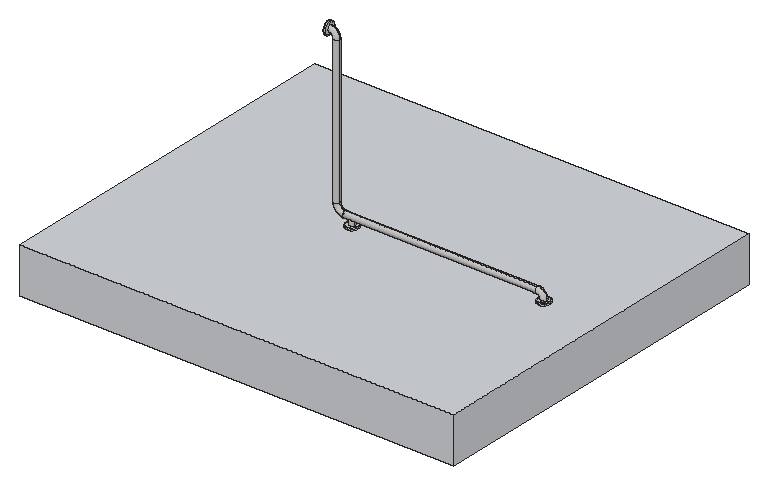
Revit family
Parameters (values of type "B-6897")
  Width = 42"
  Waste Connection = no
  Warranty Information = "1 Year Limited Warranty"
  WFU = 0
  Vent Connection = no
  URL = "http://www.bobrick.com/"
  Type Comments = ""
  Product Page URL = "http://www.bobrick.com/washroomaccessories/Pages/ProductDetails.aspx?Product+Number=B-6897"
  Product Documentation Link = "http://www.bobrick.com/Documents/B-6806_td.pdf"
  Price = "Prices may vary. Please consult Manufacturer Representative for most up-to-date price list."  # constant formula
  Phone Number = "416-250-5656"  # constant formula
  Omniclass Table 23 Title = "Bath Grab Bars"  # constant formula
  Omniclass Table 23 Code = "23.40.20.21.47"  # constant formula
  Model = "B-6897"
  Material = Stainless Steel-Bobrick-Type 304-Satin
  Manufacturer = "Bobrick"
  Length = 50"
  Installation Type = "Wall Mounted"
  HWFU = 0
  HW Connection = no
  Description = "Two-Wall 1-1/2\" (38mm) diameter Stainless Steel Grab Bar with Snap Flange for Toilet Compartments."
  Default Elevation = 0"
  Creation Date = "12/24/2014"  # constant formula
  Created By = "Allied Technical Services"  # constant formula
  CWFU = 0
  CW Connection = no
  Assembly Code = ""
  ATS URL = "http://www.atsspec.net"
  ADA Compliant = yes
Types (3): name | Product Page URL | Model | Description
  (no name) | "http://www.bobrick.com/washroomaccessories/Pages/ProductDetails.aspx?Product+Number=B-6897" | "B-6897" | "Two-Wall 1-1/2\" (38mm) diameter Stainless Steel Grab Bar with Snap Flange for Toilet Compartments."
  B-6897 | "http://www.bobrick.com/washroomaccessories/Pages/ProductDetails.aspx?Product+Number=B-6897" | "B-6897" | "Two-Wall 1-1/2\" (38mm) diameter Stainless Steel Grab Bar with Snap Flange for Toilet Compartments."
  B-6897.99 | "http://www.bobrick.com/washroomaccessories/Pages/ProductDetails.aspx?Product+Number=B-6897.99" | "B-6897.99" | "Two-Wall 1-1/2\" (38mm) diameter Stainless Steel Grab Bar with peened gripping surface and Snap Flange for Toilet Compartments."
Reference planes (in)
  plane 1 "Center (Front/Back)": y = 0
  plane 2: z = 0.00028
  plane 3 "Center (Left/Right)": x = 0
  plane 4: x = 50
  plane 5: z = 44.25
  plane 6: x = -4
  plane 7: z = 2.25
Forms (in)
  Extrusion 1, solid
    sketch origin (0, 0, 0) x (1, 0, 0) y (0, 1, 0)
      loop
        line (-48, 48) -> (-48, -48) -> (64.81455, -48) -> (64.81455, 48) -> (-48, 48)
    from 0.00028 to -12
  Sweep 2, solid, material "Stainless Steel-Bobrick-Type 304-Satin" <- "Material"
    path origin (28.73583, 0, 3.35329) x (0, 0, 1) y (1, 0, 0)
      loop
        line (-2.99974, 21.26417) -> (-2.74829, 21.26417)
        arc (-2.74829, 21.26417) -> (-1.5851, 20.78236) -> (-1.10329, 19.61917) r 1.645
        line (-1.10329, 19.61917) -> (-1.10329, -30.48583)
        arc (-1.10329, -30.48583) -> (-0.44428, -32.07682) -> (1.14671, -32.73583) r 2.25
        line (1.14671, -32.73583) -> (39.25171, -32.73583)
        arc (39.25171, -32.73583) -> (40.4149, -33.21764) -> (40.89671, -34.38083) r 1.645
        line (40.89671, -34.38083) -> (40.89671, -34.63228)
    profile origin (50, 0, 0.47927) x (1, 0, 0) y (0, 1, 0)
      loop
        circle (0, 0) r 0.75
  Revolve 3, solid, material "Stainless Steel-Bobrick-Type 304-Satin" <- "Material"
    sketch origin (1.28125, 0, 3.18972) x (0, 0, 1) y (1, 0, 0)
      loop
        line (-3.18972, -1.28125) -> (-2.68972, -1.28125) -> (-2.79456, 0.21799)
        arc (-2.79456, 0.21799) -> (-2.83243, 0.2992) -> (-2.91491, 0.3342) r 0.125
        line (-2.91491, 0.3342) -> (-3.18972, 0.34375) -> (-3.18972, -1.28125)
      axis (-2.68972, -1.28125) -> (-3.18972, -1.28125)
    angle from 0 to 360
  Revolve 4, solid, material "Stainless Steel-Bobrick-Type 304-Satin" <- "Material"
    sketch origin (51.28125, 0, 3.18972) x (0, 0, 1) y (1, 0, 0)
      loop
        line (-3.18972, -1.28125) -> (-2.68972, -1.28125) -> (-2.79456, 0.21799)
        arc (-2.79456, 0.21799) -> (-2.83243, 0.2992) -> (-2.91491, 0.3342) r 0.125
        line (-2.91491, 0.3342) -> (-3.18972, 0.34375) -> (-3.18972, -1.28125)
      axis (-2.68972, -1.28125) -> (-3.18972, -1.28125)
    angle from 0 to 360
  Revolve 5, solid, material "Stainless Steel-Bobrick-Type 304-Satin" <- "Material"
    sketch origin (-3.03998, 0, 34.71875) x (1, 0, 0) y (0, 0, -1)
      loop
        line (-3.18972, -9.53125) -> (-2.68972, -9.53125) -> (-2.79456, -8.03201)
        arc (-2.79456, -8.03201) -> (-2.83243, -7.9508) -> (-2.91491, -7.9158) r 0.125
        line (-2.91491, -7.9158) -> (-3.18972, -7.90625) -> (-3.18972, -9.53125)
      axis (-2.68972, -9.53125) -> (-3.18972, -9.53125)
    angle from 0 to 360
  Sweep 6, solid, material "Stainless Steel-Bobrick-Type 304-Satin" <- "Material"
    path origin (0, 0, 0) x (1, 0, 0) y (0, 0, 1)
      loop
        line (0, 0.33326) -> (0, 2.23007)
    profile origin (0, 0, 1.28166) x (-1, 0, 0) y (0, -1, 0)
      loop
        circle (0, 0) r 0.72674
Cuts and joins
  joined: Sweep 2, Revolve 3, Revolve 4, Revolve 5, Sweep 6
Lines and regions (in)
  Masking region 1
    outline origin (0, 0, 0) x (1, 0, 0) y (0, 1, 0)
      loop
        line (-6.22971, 1.625) -> (-6.22971, -1.625) -> (-5.90651, -1.61376)
        arc (-5.90651, -1.61376) -> (-5.8595, -1.59382) -> (-5.83792, -1.54754) r 0.07124
        line (-5.83792, -1.54754) -> (-5.78215, -0.75) -> (-1.4285, -0.75)
        arc (-1.4285, -0.75) -> (0, -1.61341) -> (1.4285, -0.75) r 1.61341
        line (1.4285, -0.75) -> (48.5715, -0.75)
        arc (48.5715, -0.75) -> (51.61341, 0) -> (48.5715, 0.75) r 1.61341
        line (48.5715, 0.75) -> (1.4285, 0.75)
        arc (1.4285, 0.75) -> (0, 1.61341) -> (-1.4285, 0.75) r 1.61341
        line (-1.4285, 0.75) -> (-5.78215, 0.75) -> (-5.83792, 1.54754)
        arc (-5.83792, 1.54754) -> (-5.8595, 1.59382) -> (-5.90651, 1.61376) r 0.07124
        line (-5.90651, 1.61376) -> (-6.22971, 1.625)
  Masking region 2
    outline origin (0, 0, 0) x (1, 0, 0) y (0, 0, 1)
      loop
        line (0.72656, 1.49972) -> (48.35967, 1.49972)
        arc (48.35967, 1.49972) -> (48.98972, 1.23875) -> (49.25069, 0.6087) r 0.89102
        line (49.25069, 0.6087) -> (49.25069, 0.44755) -> (48.50077, 0.39516)
        arc (48.50077, 0.39516) -> (48.41956, 0.35729) -> (48.38455, 0.27481) r 0.125
        line (48.38455, 0.27481) -> (48.375, 0) -> (51.625, 0) -> (51.61545, 0.27481)
        arc (51.61545, 0.27481) -> (51.58045, 0.35729) -> (51.49924, 0.39516) r 0.125
        line (51.49924, 0.39516) -> (50.75, 0.44755) -> (50.75, 0.65208)
        arc (50.75, 0.65208) -> (50.03237, 2.31507) -> (48.35564, 3) r 2.39482
        line (48.35564, 3) -> (-1.74998, 3)
        arc (-1.74998, 3) -> (-2.81064, 3.43934) -> (-3.24998, 4.5) r 1.5
        line (-3.24998, 4.5) -> (-3.24998, 42.91658)
        arc (-3.24998, 42.91658) -> (-4.02734, 44.39006) -> (-5.57763, 45) r 2.39482
        line (-5.57763, 45) -> (-5.78215, 45) -> (-5.83454, 45.74924)
        arc (-5.83454, 45.74924) -> (-5.87241, 45.83045) -> (-5.9549, 45.86545) r 0.125
        line (-5.9549, 45.86545) -> (-6.22971, 45.875) -> (-6.22971, 42.625) -> (-5.9549, 42.63455)
        arc (-5.9549, 42.63455) -> (-5.87241, 42.66955) -> (-5.83454, 42.75076) r 0.125
        line (-5.83454, 42.75076) -> (-5.78215, 43.5) -> (-5.62114, 43.5)
        arc (-5.62114, 43.5) -> (-5.06124, 43.30223) -> (-4.74978, 42.79667) r 0.89144
        line (-4.74978, 42.79667) -> (-4.74978, 4.5)
        arc (-4.74978, 4.5) -> (-3.8711, 2.37868) -> (-1.74978, 1.5) r 3
        line (-1.74978, 1.5) -> (-0.72656, 1.5) -> (-0.72656, 0.44919) -> (-1.49924, 0.39516)
        arc (-1.49924, 0.39516) -> (-1.58045, 0.35729) -> (-1.61545, 0.27481) r 0.125
        line (-1.61545, 0.27481) -> (-1.625, 0) -> (1.625, 0) -> (1.61545, 0.27481)
        arc (1.61545, 0.27481) -> (1.58045, 0.35729) -> (1.49924, 0.39516) r 0.125
        line (1.49924, 0.39516) -> (0.72656, 0.44919) -> (0.72656, 1.49972)
  Masking region 3
    outline origin (0, 0, 0) x (0, 1, 0) y (0, 0, 1)
      loop
        line (1.625, 0) -> (1.61341, 0.33326)
        arc (1.61341, 0.33326) -> (1.57056, 0.3759) -> (1.51294, 0.3942) r 0.12836
        line (1.51294, 0.3942) -> (0.75, 0.44755) -> (0.75, 42.80843)
        arc (0.75, 42.80843) -> (0, 45.875) -> (-0.75, 42.80843) r 1.625
        line (-0.75, 42.80843) -> (-0.75, 0.44755) -> (-1.51294, 0.3942)
        arc (-1.51294, 0.3942) -> (-1.57056, 0.3759) -> (-1.61341, 0.33326) r 0.12836
        line (-1.61341, 0.33326) -> (-1.625, 0) -> (1.625, 0)
  symbolic lines, detail levels medium+fine
    curve 1: line (-5.78215, 0.75, 0) -> (-5.78215, -0.75, 0)
    curve 2: line (-1.4285, 0.75, 0) -> (1.4285, 0.75, 0)
    curve 3: line (-1.4285, -0.75, 0) -> (1.4285, -0.75, 0)
    curve 4: line (48.5715, -0.75, 0) -> (50, -0.75, 0)
    curve 5: arc (50, 0.75, 0) -> (50.75, 0, 0) -> (50, -0.75, 0) r 0.75
    curve 6: line (48.5715, 0.75, 0) -> (50, 0.75, 0)
    curve 7: line (50.75, 0, 0.44755) -> (49.25, 0, 0.44755)
    curve 8: line (0.72656, 0, 0.44919) -> (-0.72656, 0, 0.44919)
    curve 9: arc (0.72674, 0, 1.5) -> (0, 0, 2.09268) -> (-0.72674, 0, 1.5) r 0.74191
    curve 10: line (-5.78215, 0, 43.5) -> (-5.78215, 0, 45)
    curve 11: line (0, 0.75, 0.44755) -> (0, -0.75, 0.44755)
    curve 12: line (0, 0.75, 42.80843) -> (0, 0.75, 44.25)
    curve 13: line (0, -0.75, 42.80843) -> (0, -0.75, 44.25)
    curve 14: arc (0, 0.75, 44.25) -> (0, 0, 45) -> (0, -0.75, 44.25) r 0.75
Dimensions and locks (in)
  "Length": plane 4 to plane 3 "Center (Left/Right)"
  locked: plane 6 to plane 3 "Center (Left/Right)" at 4
  locked: Extrusion 1 to plane 7 at 2.24972
  "Width": plane 7 to plane 5
  aligned and locked: plane 2 to Extrusion 1
  aligned: level to Extrusion 1
Automatic sketch dimensions
  Extrusion 1 sketch curve to Extrusion 1 sketch curve = 112.81455"
  Extrusion 1 sketch curve to Extrusion 1 sketch curve = 96"
  Sweep 2 sketch curve to plane 4 = 0"
  plane 6 to Sweep 2 sketch curve = 0"
  Sweep 2 sketch curve to plane 5 = 0"
  Sweep 2 sketch curve to Sweep 2 sketch curve = 1.645"
  Sweep 2 sketch curve to plane 3 "Center (Left/Right)" = 1 3/4"
  level to Sweep 2 sketch curve = 4 1/2"
  level to Sweep 2 sketch curve = 0.605"
  Sweep 2 sketch curve to Sweep 2 sketch curve = 0.25145"  (x2)
  Sweep 2 sketch curve to profile plane = 0"  (x2)
  Sweep 6 sketch curve to plane 3 "Center (Left/Right)" = 0"
  level to Sweep 6 sketch curve = 0.33326"
  Sweep 6 sketch curve to Sweep 6 sketch curve = 1.89682"
  plane 1 "Center (Front/Back)" to Sweep 6 sketch curve = 0"
  Sweep 6 sketch curve to profile plane = 0"
  Masking region 1 sketch curve to Masking region 1 sketch curve = 0"  (x3)
  plane 1 "Center (Front/Back)" to Masking region 1 sketch curve = 0"  (x2)
  Masking region 1 sketch curve to plane 3 "Center (Left/Right)" = 0"
  Masking region 1 sketch curve to plane 4 = 0"
  Masking region 1 sketch curve to plane 3 "Center (Left/Right)" = 1.4285"  (x2)
  Masking region 1 sketch curve to plane 1 "Center (Front/Back)" = 3/4"  (x2)
  plane 6 to Masking region 1 sketch curve = 1.78215"
  plane 1 "Center (Front/Back)" to Masking region 1 sketch curve = 3/4"  (x2)
  Masking region 1 sketch curve to Masking region 1 sketch curve = 0.05577"  (x2)
  Masking region 1 sketch curve to Masking region 1 sketch curve = 0.06859"  (x2)
  Masking region 1 sketch curve to Masking region 1 sketch curve = 0.00248"  (x2)
  Masking region 1 sketch curve to Masking region 1 sketch curve = 0.32319"
  Masking region 1 sketch curve to plane 4 = 1.4285"
  Masking region 1 sketch curve to Masking region 1 sketch curve = 0.79257"  (x2)
  Masking region 1 sketch curve to Masking region 1 sketch curve = 0.00497"  (x2)
  Masking region 1 sketch curve to Masking region 1 sketch curve = 0.01124"  (x2)
  curve 5 to plane 4 = 0"
  plane 1 "Center (Front/Back)" to curve 5 = 0"
  curve 6 to plane 4 = 1.4285"
  curve 4 to plane 4 = 1.4285"
  plane 3 "Center (Left/Right)" to curve 2 = 1.4285"
  plane 3 "Center (Left/Right)" to curve 3 = 1.4285"
  curve 2 to plane 3 "Center (Left/Right)" = 1.4285"
  curve 3 to plane 3 "Center (Left/Right)" = 1.4285"
  curve 1 to plane 1 "Center (Front/Back)" = 3/4"
  plane 6 to curve 1 = 1.78215"
  plane 1 "Center (Front/Back)" to curve 5 = 3/4"
  plane 1 "Center (Front/Back)" to curve 3 = 3/4"
  plane 1 "Center (Front/Back)" to curve 1 = 3/4"
  curve 2 to plane 1 "Center (Front/Back)" = 3/4"
  curve 9 to plane 3 "Center (Left/Right)" = 0"
  curve 8 to plane 3 "Center (Left/Right)" = 93/128"
  curve 9 to plane 3 "Center (Left/Right)" = 0.72674"
  plane 5 to curve 10 = 3/4"
  plane 6 to curve 10 = 1.78215"
  plane 3 "Center (Left/Right)" to curve 8 = 93/128"
  plane 3 "Center (Left/Right)" to curve 9 = 0.72674"
  curve 7 to plane 4 = 3/4"
  plane 4 to curve 7 = 3/4"
  curve 10 to plane 5 = 3/4"
  level to curve 9 = 1 1/2"
  curve 9 to curve 9 = 0.14923"
  level to curve 8 = 0.44919"
  level to curve 7 = 0.44755"
  Masking region 3 sketch curve to level = 0"
  Masking region 3 sketch curve to plane 1 "Center (Front/Back)" = 0"
  Masking region 3 sketch curve to plane 5 = 0"
  plane 1 "Center (Front/Back)" to Masking region 3 sketch curve = 3/4"
  level to Masking region 3 sketch curve = 0.26616"  (x2)
  Masking region 3 sketch curve to Masking region 3 sketch curve = 0.75399"  (x2)
  Masking region 3 sketch curve to Masking region 3 sketch curve = 0.00895"  (x2)
  Masking region 3 sketch curve to Masking region 3 sketch curve = 0.10047"
  Masking region 3 sketch curve to Masking region 3 sketch curve = 0.12101"  (x2)
  Masking region 3 sketch curve to plane 1 "Center (Front/Back)" = 3/4"
  level to Masking region 3 sketch curve = 0.3942"
  level to Masking region 3 sketch curve = 0.33326"
  Masking region 3 sketch curve to Masking region 3 sketch curve = 0.0671"
  level to Masking region 3 sketch curve = 0.44755"  (x2)
  Masking region 3 sketch curve to plane 5 = 1.44157"
  curve 14 to plane 1 "Center (Front/Back)" = 0"
  plane 1 "Center (Front/Back)" to curve 14 = 3/4"
  plane 1 "Center (Front/Back)" to curve 11 = 3/4"
  curve 11 to plane 1 "Center (Front/Back)" = 3/4"
  curve 13 to plane 5 = 1.44157"
  curve 12 to curve 12 = 1.44157"
  level to curve 11 = 0.44755"
  plane 5 to curve 13 = 0"
  Masking region 2 sketch curve to level = 0"  (x2)
  plane 6 to Masking region 2 sketch curve = 2.22971"
  Masking region 2 sketch curve to Masking region 2 sketch curve = 0.27047"  (x2)
  Masking region 2 sketch curve to Masking region 2 sketch curve = 0.00434"  (x4)
  Masking region 2 sketch curve to Masking region 2 sketch curve = 0.1247"  (x4)
  Masking region 2 sketch curve to Masking region 2 sketch curve = 0.05239"  (x2)
  plane 5 to Masking region 2 sketch curve = 3/4"
  Masking region 2 sketch curve to Masking region 2 sketch curve = 0.21002"  (x2)
  Masking region 2 sketch curve to Masking region 2 sketch curve = 0.00338"
  Masking region 2 sketch curve to Masking region 2 sketch curve = 0.20453"  (x2)
  plane 6 to Masking region 2 sketch curve = 0.74978"
  Masking region 2 sketch curve to plane 6 = 0.75002"
  Masking region 2 sketch curve to plane 3 "Center (Left/Right)" = 1.74998"
  Masking region 2 sketch curve to Masking region 2 sketch curve = 0.0002"
  Masking region 2 sketch curve to Masking region 2 sketch curve = 0.12478"
  Masking region 2 sketch curve to Masking region 2 sketch curve = 0.00955"  (x6)
  level to Masking region 2 sketch curve = 0.39516"  (x2)
  Masking region 2 sketch curve to Masking region 2 sketch curve = 0.1162"  (x2)
  Masking region 2 sketch curve to Masking region 2 sketch curve = 0.00872"  (x4)
  Masking region 2 sketch curve to plane 3 "Center (Left/Right)" = 93/128"
  plane 3 "Center (Left/Right)" to Masking region 2 sketch curve = 93/128"
  level to Masking region 2 sketch curve = 0.27047"  (x2)
  Masking region 2 sketch curve to Masking region 2 sketch curve = 0.76396"
  Masking region 2 sketch curve to Masking region 2 sketch curve = 0.12492"  (x3)
  Masking region 2 sketch curve to plane 4 = 1.64436"
  Masking region 2 sketch curve to Masking region 2 sketch curve = 0.00403"
  Masking region 2 sketch curve to Masking region 2 sketch curve = 0.01936"  (x2)
  Masking region 2 sketch curve to Masking region 2 sketch curve = 0.11621"
  Masking region 2 sketch curve to plane 4 = 0.74931"
  plane 4 to Masking region 2 sketch curve = 3/4"
  Masking region 2 sketch curve to Masking region 2 sketch curve = 0.74052"  (x2)
  level to Masking region 2 sketch curve = 0.44755"  (x2)
  level to Masking region 2 sketch curve = 0.44919"  (x2)
  Masking region 2 sketch curve to Masking region 2 sketch curve = 0.16115"
  Masking region 2 sketch curve to Masking region 2 sketch curve = 1.10484"
  Masking region 2 sketch curve to Masking region 2 sketch curve = 2.39436"
  Masking region 2 sketch curve to Masking region 2 sketch curve = 0.00291"
  Masking region 2 sketch curve to Masking region 2 sketch curve = 0.18811"
  Revolve 5 sketch curve to plane 5 = 0"  (x2)
  plane 6 to Revolve 5 sketch curve = 2.42768"
  Revolve 5 sketch curve to Revolve 5 sketch curve = 0.19797"
  Revolve 5 sketch curve to Revolve 5 sketch curve = 0"
  Revolve 5 sketch curve to Revolve 5 sketch curve = 0.27047"
  Revolve 5 sketch curve to Revolve 5 sketch curve = 0.27481"
  Revolve 5 sketch curve to Revolve 5 sketch curve = 0.1247"
  Revolve 5 sketch curve to Revolve 5 sketch curve = 1/2"
  Revolve 5 sketch curve to plane 5 = 1.49052"
  Revolve 5 sketch curve to Revolve 5 sketch curve = 0.00872"
  Revolve 5 sketch curve to Revolve 5 sketch curve = 0.00955"
  Revolve 3 sketch curve to plane 3 "Center (Left/Right)" = 0"  (x2)
  Revolve 3 sketch curve to level = 0"  (x2)
  Revolve 3 sketch curve to Revolve 3 sketch curve = 0.19797"
  level to Revolve 3 sketch curve = 0.27047"
  level to Revolve 3 sketch curve = 0.27481"
  Revolve 3 sketch curve to Revolve 3 sketch curve = 0.1247"
  level to Revolve 3 sketch curve = 1/2"
  plane 3 "Center (Left/Right)" to Revolve 3 sketch curve = 1.49052"
  Revolve 3 sketch curve to Revolve 3 sketch curve = 0.00872"
  Revolve 3 sketch curve to Revolve 3 sketch curve = 0.00955"
  Revolve 4 sketch curve to plane 4 = 0"  (x2)
  Revolve 4 sketch curve to level = 0"  (x2)
  Revolve 4 sketch curve to level = 0.19797"
  level to Revolve 4 sketch curve = 0.27047"
  level to Revolve 4 sketch curve = 0.27481"
  Revolve 4 sketch curve to Revolve 4 sketch curve = 0.1247"
  Revolve 4 sketch curve to Revolve 4 sketch curve = 1/2"
  plane 4 to Revolve 4 sketch curve = 1.49052"
  Revolve 4 sketch curve to Revolve 4 sketch curve = 0.00872"
  Revolve 4 sketch curve to Revolve 4 sketch curve = 0.00955"
  radius of Sweep 2 sketch curve = 3/4"
  radius of Sweep 6 sketch curve = 0.72674"
